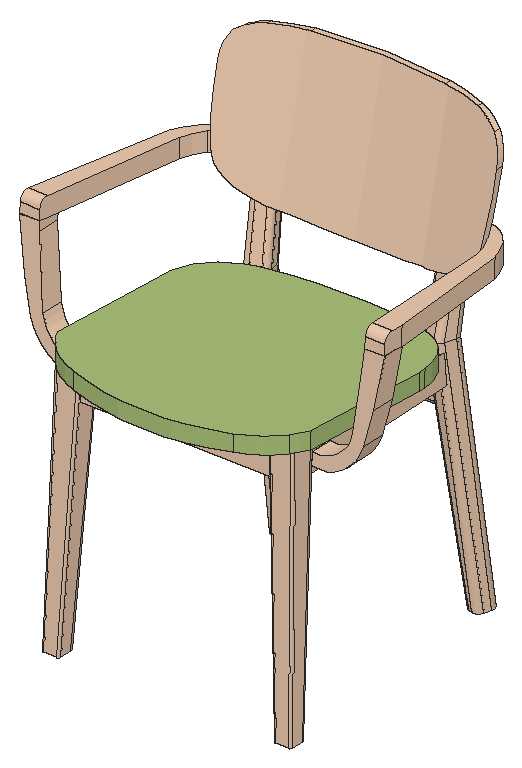
Revit family "FU_Chair_Sandler_Celina 2-11", category Furniture, Revit 2020
Family settings
  OmniClass Number = 23.40.20.00
  OmniClass Title = General Furniture and Specialties
  Work Plane-Based = No
  Always vertical = Yes
  Cut with Voids When Loaded = No
  Shared = No
  Room Calculation Point = No
Parameters (values of type "Celina 2.11")
  Width = 500 mm
  URL = "https://www.sandlerseating.com/product/celina-2-11/"
  Seat [instance] = Fabric - Manhattan - Ellis YI365
  Model = "Celina 2.11"
  Manufacturer = "Sandler"
  Height = 820 mm
  Frame [instance] = Wood - Beech - Walnut - V
  Description = "Armchair with a fully upholstered seat and wooden back. The frame is in solid beech."
  Depth = 550 mm
  Default Elevation = 0 mm
Reference planes
  plane 1 "Center (Front/Back)": y = 0
  plane 2: z = 0
  plane 3 "Center (Left/Right)": x = 0
  plane 4 "Right": x = -250
  plane 5 "Left": x = 250
  plane 6 "Back": y = 275
  plane 7 "Front": y = -275
  plane 8 "Height": z = 820
  plane 9 "Seat height": z = 460
  plane 10 "Right Arm": x = -325
  plane 11 "Left Arm": x = 325
  plane 12 "FL C FRONT": through (206.59, -1524, 5.36) normal (-0.9994, 0, -0.0359)
  plane 13 "BL C Front": through (-178.282, -1524, 5.132) normal (-0.9999, 0, 0.0103)
  plane 14 "FL C RIGHT": through (4267.2, -211.114, 5.562) normal (0, -0.9986, 0.0521)
  plane 15: through (4267.2, 255.502, 4.2) normal (0, -0.9887, -0.1501)
  plane 16: through (4267.2, 190.415, 493.994) normal (0, -0.984, 0.1783)
Forms (mm)
  Sweep 1, solid, material "Fabric - Manhattan - Ellis YI365" <- "Seat"
    path origin (0.119, 29.292, 439.708) x (0, 0.99863, -0.052336) y (1, 0, 0)
      loop
        line (-311.844, 0) -> (171.86, 0)
    profile "Pro_celina_Seat_UPH : Pro_celina_Seat_UPH" origin (0.119, -40.604, 443.371) x (1, 0, 0) y (0, -0.052336, -0.99863)
      loop
        arc (226.228, -11.375) -> (0, 0) -> (-226.228, -11.375) r 2255.339
        line (-226.228, -11.375) -> (-226.228, -41.375)
        arc (-226.228, -41.375) -> (0, -30) -> (226.228, -41.375) r 2255.339
        line (226.228, -41.375) -> (226.228, -11.375)
  Extrusion 2, void
    sketch origin (0.119, -20.296, 502.02) x (-1, 0, 0) y (0, -1, 0)
      loop
        line (248.521, -230.925) -> (248.521, 269.075) -> (-251.479, 269.075) -> (-251.479, -230.925) -> (248.521, -230.925)
      loop
        arc (141.879, 235.713) -> (0.119, 256.987) -> (-141.64, 235.713) r 482.927
        arc (-141.64, 235.713) -> (-177.703, 219.068) -> (-208.046, 193.437) r 148.11
        arc (-208.046, 193.437) -> (-229.338, 158.084) -> (-235.769, 117.318) r 107.689
        arc (-235.769, 117.318) -> (-233.624, 13.584) -> (-224.626, -89.781) r 1568.852
        arc (-224.626, -89.781) -> (-196.277, -154.472) -> (-136.874, -192.68) r 122.229
        arc (-136.874, -192.68) -> (0.119, -211.879) -> (137.113, -192.68) r 498.358
        arc (137.113, -192.68) -> (196.516, -154.472) -> (224.865, -89.781) r 122.229
        arc (224.865, -89.781) -> (233.862, 13.584) -> (236.008, 117.318) r 1568.852
        arc (236.008, 117.318) -> (229.577, 158.084) -> (208.285, 193.437) r 107.689
        arc (208.285, 193.437) -> (177.942, 219.068) -> (141.879, 235.713) r 148.11
    from 10.492 to -76.796
  Sweep 3, solid, material "Wood - Beech - Walnut - V" <- "Frame"
    path origin (0.119, 37.154, -270.249) x (0, 1, 0) y (0, 0, 1)
      loop
        line (154.569, 770) -> (234.758, 1108.042)
    profile "Pro_celina_Back : Pro_celina_Back" origin (0.119, 231.818, 668.772) x (0, -0.972998, 0.230812) y (1, 0, 0)
      loop
        arc (50.165, -250) -> (10, 0) -> (50.165, 250) r 798.119
        line (50.165, 250) -> (40.165, 250)
        arc (40.165, 250) -> (0, 0) -> (40.165, -250) r 798.125
        line (40.165, -250) -> (50.165, -250)
  Extrusion 4, void
    sketch origin (0.119, 39.342, -270.874) x (1, 0, 0) y (0, 0, 1)
      loop
        line (119.761, 1090) -> (-121.25, 1090)
        arc (-121.25, 1090) -> (-154.552, 1088.857) -> (-187.721, 1085.67) r 541.973
        arc (-187.721, 1085.67) -> (-211.489, 1079.491) -> (-232.923, 1067.503) r 96.341
        arc (-232.923, 1067.503) -> (-245.694, 1045.257) -> (-249.494, 1019.89) r 69.271
        arc (-249.494, 1019.89) -> (-247.861, 958.646) -> (-241.122, 897.751) r 733.414
        arc (-241.122, 897.751) -> (-232.137, 873.763) -> (-214.284, 855.393) r 62.504
        arc (-214.284, 855.393) -> (-182.775, 839.296) -> (-148.432, 830.784) r 154.624
        arc (-148.432, 830.784) -> (-5.305, 821.343) -> (137.883, 829.803) r 1149.301
        arc (137.883, 829.803) -> (177.655, 837.565) -> (214.045, 855.393) r 154.624
        arc (214.045, 855.393) -> (231.898, 873.763) -> (240.883, 897.751) r 62.504
        arc (240.883, 897.751) -> (247.622, 958.646) -> (249.256, 1019.89) r 733.414
        arc (249.256, 1019.89) -> (245.455, 1045.257) -> (232.684, 1067.503) r 69.271
        arc (232.684, 1067.503) -> (211.25, 1079.491) -> (187.482, 1085.67) r 96.341
        arc (187.482, 1085.67) -> (153.689, 1088.897) -> (119.761, 1090) r 541.59
      loop
        line (-260, 1133.116) -> (-260, 753.116) -> (260, 753.116) -> (260, 1133.116) -> (-260, 1133.116)
    from -246.089 to -88.141
  SweptBlend 5, solid, material "Wood - Beech - Walnut - V" <- "Frame"
    path origin (206.516, 0, 7.419) x (0.035902, 0, -0.999355) y (0, -1, 0)
      loop
        line (15.798, 211.845) -> (-453.563, 187.36)
    profile origin (207.083, -211.845, -8.369) x (0.00187, 0.998642, -0.052062) y (-0.999355, 0, -0.035902)
      loop
        arc (-14.979, -11.006) -> (-13.796, -13.848) -> (-10.949, -15.021) r 4.023
        line (-10.949, -15.021) -> (11.028, -14.979)
        arc (11.028, -14.979) -> (13.854, -13.803) -> (15.021, -10.972) r 4
        line (15.021, -10.972) -> (14.979, 11.028)
        arc (14.979, 11.028) -> (13.803, 13.854) -> (10.972, 15.021) r 4
        line (10.972, 15.021) -> (-11.028, 14.979)
        arc (-11.028, 14.979) -> (-13.854, 13.803) -> (-15.021, 10.972) r 4
        line (-15.021, 10.972) -> (-14.979, -11.006)
    end profile origin (190.232, -187.36, 460.69) x (0.00187, 0.998642, -0.052062) y (-0.999355, 0, -0.035902)
      loop
        arc (-21.966, -18.041) -> (-20.789, -20.867) -> (-17.959, -22.034) r 4
        line (-17.959, -22.034) -> (18.041, -21.966)
        arc (18.041, -21.966) -> (20.867, -20.789) -> (22.034, -17.959) r 4
        line (22.034, -17.959) -> (21.966, 18.041)
        arc (21.966, 18.041) -> (20.789, 20.867) -> (17.959, 22.034) r 4
        line (17.959, 22.034) -> (-18.041, 21.966)
        arc (-18.041, 21.966) -> (-20.867, 20.789) -> (-22.034, 17.959) r 4
        line (-22.034, 17.959) -> (-21.966, -18.041)
  SweptBlend 6, solid, material "Wood - Beech - Walnut - V" <- "Frame"
    path origin (-178.316, 0, 1.838) x (-0.010308, 0, -0.999947) y (0, -1, 0)
      loop
        line (10.63, -257.754) -> (-463.93, -185.692)
    profile origin (-178.425, 257.754, -8.791) x (0.001548, 0.988666, 0.150121) y (-0.999947, 0, 0.010308)
      loop
        line (16.945, 1.2) -> (15.071, 7.954)
        arc (15.071, 7.954) -> (9.652, 14.89) -> (0.916, 15.962) r 11.5
        line (0.916, 15.962) -> (-12.575, 12.22)
        arc (-12.575, 12.22) -> (-19.51, 6.801) -> (-20.583, -1.935) r 11.5
        line (-20.583, -1.935) -> (-18.712, -8.681)
        arc (-18.712, -8.681) -> (-13.292, -15.616) -> (-4.556, -16.688) r 11.5
        line (-4.556, -16.688) -> (8.943, -12.944)
        arc (8.943, -12.944) -> (15.873, -7.529) -> (16.945, 1.2) r 11.49
    end profile origin (-173.534, 185.692, 465.743) x (0.001548, 0.988666, 0.150121) y (-0.999947, 0, 0.010308)
      loop
        line (5.481, 10.089) -> (-14.232, 4.749)
        arc (-14.232, 4.749) -> (-20.595, -0.161) -> (-21.622, -8.131) r 10.5
        line (-21.622, -8.131) -> (-16.447, -27.235)
        arc (-16.447, -27.235) -> (-11.538, -33.597) -> (-3.567, -34.624) r 10.5
        line (-3.567, -34.624) -> (16.146, -29.284)
        arc (16.146, -29.284) -> (22.508, -24.375) -> (23.535, -16.404) r 10.5
        line (23.535, -16.404) -> (18.361, 2.699)
        arc (18.361, 2.699) -> (13.451, 9.061) -> (5.481, 10.089) r 10.5
  SweptBlend 7, solid, material "Wood - Beech - Walnut - V" <- "Frame"
    path origin (-178.316, 0, 1.838) x (-0.010308, 0, -0.999947) y (0, -1, 0)
      loop
        line (-447.138, -184.221) -> (-698.053, -229.684)
    profile origin (-173.707, 184.221, 448.952) x (-0.001838, 0.983979, -0.178274) y (-0.999947, 0, 0.010308)
      loop
        line (6.359, 10.097) -> (-14.247, 4.59)
        arc (-14.247, 4.59) -> (-20.626, -0.298) -> (-21.68, -8.265) r 10.5
        line (-21.68, -8.265) -> (-16.57, -27.386)
        arc (-16.57, -27.386) -> (-11.682, -33.765) -> (-3.715, -34.819) r 10.5
        line (-3.715, -34.819) -> (16.891, -29.312)
        arc (16.891, -29.312) -> (23.269, -24.424) -> (24.324, -16.457) r 10.5
        line (24.324, -16.457) -> (19.214, 2.664)
        arc (19.214, 2.664) -> (14.326, 9.042) -> (6.359, 10.097) r 10.5
    end profile origin (-171.12, 229.684, 699.854) x (-0.001838, 0.983979, -0.178274) y (-0.999947, 0, 0.010308)
      loop
        arc (10.888, 12.173) -> (6.714, 17.652) -> (-0.112, 18.575) r 9
        line (-0.112, 18.575) -> (-10.954, 15.71)
        arc (-10.954, 15.71) -> (-16.436, 11.534) -> (-17.36, 4.704) r 9.005
        line (-17.36, 4.704) -> (-12.919, -12.102)
        arc (-12.919, -12.102) -> (-8.745, -17.581) -> (-1.919, -18.504) r 9
        line (-1.919, -18.504) -> (8.928, -15.638)
        arc (8.928, -15.638) -> (14.407, -11.464) -> (15.33, -4.638) r 9
        line (15.33, -4.638) -> (10.888, 12.173)
  Extrusion 8, void
    sketch origin (-178.316, 0, 1.838) x (-0.010308, 0, -0.999947) y (0, -1, 0)
      loop
        line (-458.111, -152.645) -> (-458.111, -224.882) -> (-439.168, -224.882) -> (-439.168, -152.645) -> (-458.111, -152.645)
    from -48.983 to 26.092
  Extrusion 9, void
    sketch origin (-178.316, 0, 1.838) x (-0.010308, 0, -0.999947) y (0, -1, 0)
      loop
        line (-458.228, -152.645) -> (-470.347, -152.645) -> (-470.347, -224.294) -> (-458.228, -224.294) -> (-458.228, -152.645)
    from -48.983 to 26.092
  SweptBlend 10, solid, material "Wood - Beech - Walnut - V" <- "Frame"
    path origin (178.316, 0, 1.838) x (0.010308, 0, -0.999947) y (0, 1, 0)
      loop
        line (10.63, 257.754) -> (-463.93, 185.692)
    profile origin (178.425, 257.754, -8.791) x (0.001548, -0.988666, -0.150121) y (0.999947, 0, 0.010308)
      loop
        arc (-16.945, 1.2) -> (-15.873, -7.529) -> (-8.943, -12.944) r 11.49
        line (-8.943, -12.944) -> (4.556, -16.688)
        arc (4.556, -16.688) -> (13.292, -15.616) -> (18.712, -8.681) r 11.5
        line (18.712, -8.681) -> (20.583, -1.935)
        arc (20.583, -1.935) -> (19.51, 6.801) -> (12.575, 12.22) r 11.5
        line (12.575, 12.22) -> (-0.916, 15.962)
        arc (-0.916, 15.962) -> (-9.652, 14.89) -> (-15.071, 7.954) r 11.5
        line (-15.071, 7.954) -> (-16.945, 1.2)
    end profile origin (173.534, 185.692, 465.743) x (0.001548, -0.988666, -0.150121) y (0.999947, 0, 0.010308)
      loop
        arc (-5.481, 10.089) -> (-13.451, 9.061) -> (-18.361, 2.699) r 10.5
        line (-18.361, 2.699) -> (-23.535, -16.404)
        arc (-23.535, -16.404) -> (-22.508, -24.375) -> (-16.146, -29.284) r 10.5
        line (-16.146, -29.284) -> (3.567, -34.624)
        arc (3.567, -34.624) -> (11.538, -33.597) -> (16.447, -27.235) r 10.5
        line (16.447, -27.235) -> (21.622, -8.131)
        arc (21.622, -8.131) -> (20.595, -0.161) -> (14.232, 4.749) r 10.5
        line (14.232, 4.749) -> (-5.481, 10.089)
  SweptBlend 11, solid, material "Wood - Beech - Walnut - V" <- "Frame"
    path origin (178.316, 0, 1.838) x (0.010308, 0, -0.999947) y (0, 1, 0)
      loop
        line (-447.138, 184.221) -> (-698.053, 229.684)
    profile origin (173.707, 184.221, 448.952) x (-0.001838, -0.983979, 0.178274) y (0.999947, 0, 0.010308)
      loop
        arc (-6.359, 10.097) -> (-14.326, 9.042) -> (-19.214, 2.664) r 10.5
        line (-19.214, 2.664) -> (-24.324, -16.457)
        arc (-24.324, -16.457) -> (-23.269, -24.424) -> (-16.891, -29.312) r 10.5
        line (-16.891, -29.312) -> (3.715, -34.819)
        arc (3.715, -34.819) -> (11.682, -33.765) -> (16.57, -27.386) r 10.5
        line (16.57, -27.386) -> (21.68, -8.265)
        arc (21.68, -8.265) -> (20.626, -0.298) -> (14.247, 4.59) r 10.5
        line (14.247, 4.59) -> (-6.359, 10.097)
    end profile origin (171.12, 229.684, 699.854) x (-0.001838, -0.983979, 0.178274) y (0.999947, 0, 0.010308)
      loop
        line (-10.888, 12.173) -> (-15.33, -4.638)
        arc (-15.33, -4.638) -> (-14.407, -11.464) -> (-8.928, -15.638) r 9
        line (-8.928, -15.638) -> (1.919, -18.504)
        arc (1.919, -18.504) -> (8.745, -17.581) -> (12.919, -12.102) r 9
        line (12.919, -12.102) -> (17.36, 4.704)
        arc (17.36, 4.704) -> (16.436, 11.534) -> (10.954, 15.71) r 9.005
        line (10.954, 15.71) -> (0.112, 18.575)
        arc (0.112, 18.575) -> (-6.714, 17.652) -> (-10.888, 12.173) r 9
  Extrusion 12, void
    sketch origin (178.316, 0, 1.838) x (0.010308, 0, -0.999947) y (0, 1, 0)
      loop
        line (-458.111, 152.645) -> (-439.168, 152.645) -> (-439.168, 224.882) -> (-458.111, 224.882) -> (-458.111, 152.645)
    from -48.983 to 26.092
  Extrusion 13, void
    sketch origin (178.316, 0, 1.838) x (0.010308, 0, -0.999947) y (0, 1, 0)
      loop
        line (-458.228, 152.645) -> (-458.228, 224.294) -> (-470.347, 224.294) -> (-470.347, 152.645) -> (-458.228, 152.645)
    from -48.983 to 26.092
  SweptBlend 14, solid, material "Wood - Beech - Walnut - V" <- "Frame"
    path origin (-206.516, 0, 7.419) x (-0.035902, 0, -0.999355) y (0, 1, 0)
      loop
        line (15.798, -211.845) -> (-453.563, -187.36)
    profile origin (-207.083, -211.845, -8.369) x (0.00187, -0.998642, 0.052062) y (0.999355, 0, -0.035902)
      loop
        line (14.979, -11.006) -> (15.021, 10.972)
        arc (15.021, 10.972) -> (13.854, 13.803) -> (11.028, 14.979) r 4
        line (11.028, 14.979) -> (-10.972, 15.021)
        arc (-10.972, 15.021) -> (-13.803, 13.854) -> (-14.979, 11.028) r 4
        line (-14.979, 11.028) -> (-15.021, -10.972)
        arc (-15.021, -10.972) -> (-13.854, -13.803) -> (-11.028, -14.979) r 4
        line (-11.028, -14.979) -> (10.949, -15.021)
        arc (10.949, -15.021) -> (13.796, -13.848) -> (14.979, -11.006) r 4.023
    end profile origin (-190.232, -187.36, 460.69) x (0.00187, -0.998642, 0.052062) y (0.999355, 0, -0.035902)
      loop
        line (21.966, -18.041) -> (22.034, 17.959)
        arc (22.034, 17.959) -> (20.867, 20.789) -> (18.041, 21.966) r 4
        line (18.041, 21.966) -> (-17.959, 22.034)
        arc (-17.959, 22.034) -> (-20.789, 20.867) -> (-21.966, 18.041) r 4
        line (-21.966, 18.041) -> (-22.034, -17.959)
        arc (-22.034, -17.959) -> (-20.867, -20.789) -> (-18.041, -21.966) r 4
        line (-18.041, -21.966) -> (17.959, -22.034)
        arc (17.959, -22.034) -> (20.789, -20.867) -> (21.966, -18.041) r 4
  Extrusion 15, solid, material "Wood - Beech - Walnut - V" <- "Frame"
    sketch origin (0, 0, 460) x (-1, 0, 0) y (0, -1, 0)
      loop
        line (175.074, 174.445) -> (175.074, 205.637) -> (-174.926, 205.637) -> (-174.926, 174.445) -> (175.074, 174.445)
      loop
        line (207.36, 174.272) -> (178.067, 176.828) -> (146.379, -186.366) -> (176.28, -181.947) -> (207.36, 174.272)
      loop
        line (-207.36, 174.272) -> (-176.28, -181.947) -> (-146.379, -186.366) -> (-178.067, 176.828) -> (-207.36, 174.272)
    from 0 to -78.018
  Sweep 16, void
    path origin (0.119, 30.664, 441.798) x (0, 0.99863, -0.052336) y (1, 0, 0)
      loop
        line (-311.844, 0) -> (193.156, 0)
    profile "Pro_celina_Seat-cut : Pro_celina_Seat-cut" origin (0.119, -28.599, 444.904) x (1, 0, 0) y (0, -0.052336, -0.99863)
      loop
        arc (237.5, -12.54) -> (0, 0) -> (-237.5, -12.54) r 2255.339
        line (-237.5, -12.54) -> (-237.5, -65.04)
        arc (-237.5, -65.04) -> (0, -52.5) -> (237.5, -65.04) r 2255.339
        line (237.5, -65.04) -> (237.5, -12.54)
  Extrusion 17, void
    sketch origin (0, 0, 0) x (0, 1, 0) y (0, 0, 1)
      loop
        line (-229.224, 409.273) -> (-229.224, 334.273) -> (230.12, 334.273) -> (230.12, 384.715) -> (-229.224, 409.273)
    from -250 to 250
  Extrusion 18, solid, material "Wood - Beech - Walnut - V" <- "Frame"
    sketch origin (0, 0, 0) x (0, 1, 0) y (0, 0, 1)
      loop
        arc (213.056, 367.317) -> (210.682, 371.248) -> (206.223, 372.348) r 6
        line (206.223, 372.348) -> (198.535, 371.181)
        arc (198.535, 371.181) -> (194.604, 368.806) -> (193.503, 364.348) r 6
        line (193.503, 364.348) -> (197.257, 339.631)
        arc (197.257, 339.631) -> (199.631, 335.701) -> (204.09, 334.6) r 6
        line (204.09, 334.6) -> (211.778, 335.768)
        arc (211.778, 335.768) -> (215.709, 338.142) -> (216.81, 342.601) r 6
        line (216.81, 342.601) -> (213.056, 367.317)
    from -168 to 168
  Extrusion 19, void
    sketch origin (0, 0, 0) x (0, 1, 0) y (0, 0, 1)
      loop
        line (-275, 0) -> (-275, -32.791) -> (280, -32.791) -> (280, 0) -> (-275, 0)
    from -250 to 250
Cuts and joins
  Extrusion 2 cuts Sweep 1
  Extrusion 4 cuts Sweep 3
  Extrusion 8 cuts SweptBlend 7
  Extrusion 9, Extrusion 19 cuts SweptBlend 6
  Extrusion 12 cuts SweptBlend 11
  Extrusion 13, Extrusion 19 cuts SweptBlend 10
  Sweep 16, Extrusion 17 cuts Extrusion 15
  Extrusion 19 cuts SweptBlend 14
  Extrusion 19 cuts SweptBlend 5
Dimensions and locks
  equal spacing: plane 4 "Right", plane 3 "Center (Left/Right)", plane 5 "Left"
  "Width": plane 4 "Right" to plane 5 "Left"
  equal spacing: plane 6 "Back", plane 1 "Center (Front/Back)", plane 7 "Front"
  "Depth": plane 6 "Back" to plane 7 "Front"
  "Height": plane 8 "Height" to level
  plane 9 "Seat height" to level = 460 mm
  equal spacing: plane 10 "Right Arm", plane 3 "Center (Left/Right)", plane 11 "Left Arm"
  plane 10 "Right Arm" to plane 11 "Left Arm" = 650 mm
  aligned and locked: level to plane 2
Automatic sketch dimensions
  plane 3 "Center (Left/Right)" to Sweep 1 sketch curve = 0.119 mm
  Sweep 1 sketch curve to Sweep 1 sketch curve = 483.704 mm
  Extrusion 2 sketch curve to plane 3 "Center (Left/Right)" = 0 mm  (x2)
  plane 3 "Center (Left/Right)" to Extrusion 2 sketch curve = 98.283 mm
  Extrusion 2 sketch curve to plane 1 "Center (Front/Back)" = 54.865 mm  (x2)
  plane 3 "Center (Left/Right)" to Extrusion 2 sketch curve = 103.394 mm
  Extrusion 2 sketch curve to Extrusion 2 sketch curve = 29.988 mm  (x2)
  Extrusion 2 sketch curve to plane 5 "Left" = 1.598 mm
  plane 1 "Center (Front/Back)" to Extrusion 2 sketch curve = 118.175 mm  (x2)
  Extrusion 2 sketch curve to plane 11 "Left Arm" = 1007.843 mm
  Extrusion 2 sketch curve to plane 3 "Center (Left/Right)" = 98.283 mm
  Extrusion 2 sketch curve to plane 3 "Center (Left/Right)" = 103.394 mm
  Extrusion 2 sketch curve to plane 4 "Right" = 1.598 mm
  plane 10 "Right Arm" to Extrusion 2 sketch curve = 1007.843 mm
  Extrusion 2 sketch curve to plane 6 "Back" = 69.356 mm
  Extrusion 2 sketch curve to plane 6 "Back" = 64.371 mm
  plane 1 "Center (Front/Back)" to Extrusion 2 sketch curve = 114.424 mm  (x2)
  Extrusion 2 sketch curve to Extrusion 2 sketch curve = 27.102 mm  (x2)
  Extrusion 2 sketch curve to plane 7 "Front" = 14.371 mm
  Extrusion 2 sketch curve to plane 7 "Front" = 31.774 mm
  Extrusion 2 sketch curve to plane 6 "Back" = 102.616 mm
  Extrusion 2 sketch curve to Extrusion 2 sketch curve = 0 mm  (x8)
  plane 7 "Front" to Extrusion 2 sketch curve = 18.991 mm
  plane 9 "Seat height" to Sweep 3 sketch curve = 39.751 mm
  Sweep 3 sketch curve to plane 6 "Back" = 83.277 mm
  Sweep 3 sketch curve to plane 6 "Back" = 3.087 mm
  plane 8 "Height" to Sweep 3 sketch curve = 17.793 mm
  plane 10 "Right Arm" to Extrusion 4 sketch curve = 158.955 mm
  plane 4 "Right" to Extrusion 4 sketch curve = 9.881 mm
  Extrusion 4 sketch curve to plane 4 "Right" = 69.848 mm
  Extrusion 4 sketch curve to plane 4 "Right" = 70.781 mm
  Extrusion 4 sketch curve to Extrusion 4 sketch curve = 4.71 mm  (x2)
  Extrusion 4 sketch curve to Extrusion 4 sketch curve = 46.915 mm  (x2)
  Extrusion 4 sketch curve to plane 8 "Height" = 0.874 mm
  Extrusion 4 sketch curve to Extrusion 4 sketch curve = 59.022 mm
  Extrusion 4 sketch curve to plane 3 "Center (Left/Right)" = 119.201 mm
  Extrusion 4 sketch curve to plane 3 "Center (Left/Right)" = 1.25 mm
  plane 3 "Center (Left/Right)" to Extrusion 4 sketch curve = 119.25 mm
  plane 3 "Center (Left/Right)" to Extrusion 4 sketch curve = 119.881 mm
  Extrusion 4 sketch curve to Extrusion 4 sketch curve = 8.647 mm
  plane 5 "Left" to Extrusion 4 sketch curve = 70.781 mm
  Extrusion 4 sketch curve to plane 5 "Left" = 10.119 mm
  Extrusion 4 sketch curve to plane 8 "Height" = 82.07 mm  (x2)
  Extrusion 4 sketch curve to plane 11 "Left Arm" = 158.955 mm
  Extrusion 4 sketch curve to plane 8 "Height" = 100.775 mm  (x2)
  Extrusion 4 sketch curve to Extrusion 4 sketch curve = 5.963 mm  (x2)
  Extrusion 4 sketch curve to Extrusion 4 sketch curve = 82.884 mm  (x2)
  plane 9 "Seat height" to Extrusion 4 sketch curve = 22.242 mm
  Extrusion 4 sketch curve to plane 9 "Seat height" = 182.463 mm
  Extrusion 4 sketch curve to plane 9 "Seat height" = 182.844 mm
  Extrusion 4 sketch curve to Extrusion 4 sketch curve = 32.388 mm  (x2)
  plane 8 "Height" to Extrusion 4 sketch curve = 42.242 mm
  Extrusion 4 sketch curve to Extrusion 4 sketch curve = 837.521 mm
  Extrusion 4 sketch curve to plane 4 "Right" = 0.625 mm
  Extrusion 4 sketch curve to plane 4 "Right" = 8.998 mm
  Extrusion 4 sketch curve to Extrusion 4 sketch curve = 0 mm  (x4)
  Extrusion 4 sketch curve to plane 4 "Right" = 17.196 mm
  Extrusion 4 sketch curve to plane 4 "Right" = 35.836 mm
  Extrusion 4 sketch curve to Extrusion 4 sketch curve = 41.216 mm
  plane 5 "Left" to Extrusion 4 sketch curve = 35.836 mm
  plane 5 "Left" to Extrusion 4 sketch curve = 17.196 mm
  plane 7 "Front" to SweptBlend 5 sketch curve = 87.64 mm
  plane 7 "Front" to SweptBlend 5 sketch curve = 63.155 mm
  SweptBlend 5 sketch curve to SweptBlend 5 sketch curve = 469.362 mm
  profile plane to SweptBlend 5 sketch curve = 15.021 mm
  profile plane to SweptBlend 5 sketch curve = 14.979 mm
  SweptBlend 5 sketch curve to SweptBlend 5 sketch curve = 3.993 mm  (x3)
  SweptBlend 5 sketch curve to SweptBlend 5 sketch curve = 4 mm  (x9)
  SweptBlend 5 sketch curve to SweptBlend 5 sketch curve = 4.023 mm
  SweptBlend 5 sketch curve to SweptBlend 5 sketch curve = 0.008 mm
  SweptBlend 5 sketch curve to profile plane = 10.972 mm
  SweptBlend 5 sketch curve to SweptBlend 5 sketch curve = 0.007 mm  (x9)
  SweptBlend 5 sketch curve to profile plane = 11.021 mm
  SweptBlend 5 sketch curve to plane 12 "FL C FRONT" = 15.021 mm
  SweptBlend 5 sketch curve to plane 12 "FL C FRONT" = 14.979 mm
  SweptBlend 5 sketch curve to SweptBlend 5 sketch curve = 4.015 mm
  plane 12 "FL C FRONT" to SweptBlend 5 sketch curve = 10.972 mm
  plane 12 "FL C FRONT" to SweptBlend 5 sketch curve = 11.021 mm
  profile plane to SweptBlend 5 sketch curve = 22.034 mm
  profile plane to SweptBlend 5 sketch curve = 21.966 mm
  SweptBlend 5 sketch curve to profile plane = 17.959 mm
  SweptBlend 5 sketch curve to profile plane = 18.034 mm
  SweptBlend 5 sketch curve to plane 12 "FL C FRONT" = 22.034 mm
  SweptBlend 5 sketch curve to plane 12 "FL C FRONT" = 21.966 mm
  plane 12 "FL C FRONT" to SweptBlend 5 sketch curve = 17.959 mm
  plane 12 "FL C FRONT" to SweptBlend 5 sketch curve = 18.034 mm
  SweptBlend 6 sketch curve to plane 6 "Back" = 89.308 mm
  SweptBlend 6 sketch curve to plane 6 "Back" = 17.246 mm
  SweptBlend 6 sketch curve to SweptBlend 6 sketch curve = 474.56 mm
  SweptBlend 6 sketch curve to plane 13 "BL C Front" = 1.935 mm
  profile plane to SweptBlend 6 sketch curve = 20.583 mm
  SweptBlend 6 sketch curve to plane 13 "BL C Front" = 8.681 mm
  SweptBlend 6 sketch curve to SweptBlend 6 sketch curve = 1.871 mm  (x2)
  profile plane to SweptBlend 6 sketch curve = 12.575 mm
  plane 13 "BL C Front" to SweptBlend 6 sketch curve = 1.138 mm
  profile plane to SweptBlend 6 sketch curve = 9.501 mm
  profile plane to SweptBlend 6 sketch curve = 4.556 mm
  SweptBlend 6 sketch curve to profile plane = 0.916 mm
  SweptBlend 6 sketch curve to profile plane = 3.99 mm
  SweptBlend 6 sketch curve to plane 13 "BL C Front" = 1.872 mm
  SweptBlend 6 sketch curve to profile plane = 5.872 mm
  SweptBlend 6 sketch curve to profile plane = 8.943 mm
  plane 13 "BL C Front" to SweptBlend 6 sketch curve = 7.954 mm
  SweptBlend 6 sketch curve to SweptBlend 6 sketch curve = 11.082 mm
  plane 13 "BL C Front" to SweptBlend 6 sketch curve = 1.2 mm
  SweptBlend 6 sketch curve to SweptBlend 6 sketch curve = 1.874 mm
  SweptBlend 6 sketch curve to SweptBlend 6 sketch curve = 3.745 mm
  plane 13 "BL C Front" to SweptBlend 6 sketch curve = 4.88 mm
  SweptBlend 6 sketch curve to plane 13 "BL C Front" = 8.131 mm
  profile plane to SweptBlend 6 sketch curve = 21.622 mm
  profile plane to SweptBlend 6 sketch curve = 16.447 mm
  plane 13 "BL C Front" to SweptBlend 6 sketch curve = 4.749 mm
  profile plane to SweptBlend 6 sketch curve = 14.232 mm
  SweptBlend 6 sketch curve to plane 13 "BL C Front" = 5.386 mm
  profile plane to SweptBlend 6 sketch curve = 6.313 mm
  profile plane to SweptBlend 6 sketch curve = 3.567 mm
  SweptBlend 6 sketch curve to profile plane = 5.481 mm
  SweptBlend 6 sketch curve to plane 13 "BL C Front" = 0.046 mm
  SweptBlend 6 sketch curve to profile plane = 8.226 mm
  SweptBlend 6 sketch curve to profile plane = 13.4 mm
  SweptBlend 6 sketch curve to SweptBlend 6 sketch curve = 2.745 mm  (x3)
  plane 13 "BL C Front" to SweptBlend 6 sketch curve = 2.699 mm
  SweptBlend 6 sketch curve to SweptBlend 6 sketch curve = 10.135 mm  (x2)
  SweptBlend 6 sketch curve to plane 13 "BL C Front" = 16.404 mm
  SweptBlend 6 sketch curve to SweptBlend 6 sketch curve = 19.103 mm
  SweptBlend 7 sketch curve to plane 6 "Back" = 45.316 mm
  SweptBlend 7 sketch curve to plane 6 "Back" = 90.779 mm
  SweptBlend 7 sketch curve to SweptBlend 7 sketch curve = 250.915 mm
  plane 13 "BL C Front" to SweptBlend 7 sketch curve = 4.704 mm
  profile plane to SweptBlend 7 sketch curve = 17.36 mm
  profile plane to SweptBlend 7 sketch curve = 12.919 mm
  profile plane to SweptBlend 7 sketch curve = 10.954 mm
  profile plane to SweptBlend 7 sketch curve = 8.654 mm
  profile plane to SweptBlend 7 sketch curve = 4.218 mm
  profile plane to SweptBlend 7 sketch curve = 1.919 mm
  profile plane to SweptBlend 7 sketch curve = 0.112 mm
  SweptBlend 7 sketch curve to profile plane = 2.187 mm
  SweptBlend 7 sketch curve to profile plane = 6.628 mm
  SweptBlend 7 sketch curve to profile plane = 8.928 mm
  SweptBlend 7 sketch curve to SweptBlend 7 sketch curve = 8.701 mm  (x2)
  SweptBlend 7 sketch curve to plane 13 "BL C Front" = 4.638 mm
  SweptBlend 7 sketch curve to plane 13 "BL C Front" = 6.937 mm
  SweptBlend 7 sketch curve to plane 13 "BL C Front" = 9.803 mm
  SweptBlend 7 sketch curve to SweptBlend 7 sketch curve = 2.299 mm  (x2)
  plane 13 "BL C Front" to SweptBlend 7 sketch curve = 7.004 mm
  plane 13 "BL C Front" to SweptBlend 7 sketch curve = 9.873 mm
  SweptBlend 7 sketch curve to plane 13 "BL C Front" = 8.265 mm
  profile plane to SweptBlend 7 sketch curve = 21.68 mm
  profile plane to SweptBlend 7 sketch curve = 16.57 mm
  plane 13 "BL C Front" to SweptBlend 7 sketch curve = 4.59 mm
  profile plane to SweptBlend 7 sketch curve = 14.247 mm
  SweptBlend 7 sketch curve to plane 13 "BL C Front" = 5.554 mm
  profile plane to SweptBlend 7 sketch curve = 6.426 mm
  profile plane to SweptBlend 7 sketch curve = 3.715 mm
  SweptBlend 7 sketch curve to profile plane = 6.359 mm
  SweptBlend 7 sketch curve to plane 13 "BL C Front" = 0.047 mm
  SweptBlend 7 sketch curve to profile plane = 9.07 mm
  SweptBlend 7 sketch curve to profile plane = 14.18 mm
  SweptBlend 7 sketch curve to SweptBlend 7 sketch curve = 2.711 mm  (x3)
  plane 13 "BL C Front" to SweptBlend 7 sketch curve = 2.664 mm
  SweptBlend 7 sketch curve to SweptBlend 7 sketch curve = 10.144 mm  (x2)
  SweptBlend 7 sketch curve to plane 13 "BL C Front" = 16.457 mm
  SweptBlend 7 sketch curve to SweptBlend 7 sketch curve = 19.121 mm
  Extrusion 8 sketch curve to plane 6 "Back" = 50.118 mm
  Extrusion 8 sketch curve to Extrusion 8 sketch curve = 18.943 mm
  Extrusion 8 sketch curve to Extrusion 8 sketch curve = 72.237 mm
  Extrusion 9 sketch curve to plane 6 "Back" = 122.355 mm
  Extrusion 9 sketch curve to Extrusion 9 sketch curve = 12.119 mm
  Extrusion 9 sketch curve to plane 6 "Back" = 50.706 mm
  SweptBlend 10 sketch curve to plane 6 "Back" = 89.308 mm
  SweptBlend 10 sketch curve to plane 6 "Back" = 17.246 mm
  SweptBlend 10 sketch curve to SweptBlend 10 sketch curve = 474.56 mm
  profile plane to SweptBlend 10 sketch curve = 1.2 mm
  profile plane to SweptBlend 10 sketch curve = 16.945 mm
  SweptBlend 10 sketch curve to SweptBlend 10 sketch curve = 1.874 mm
  profile plane to SweptBlend 10 sketch curve = 8.943 mm
  SweptBlend 10 sketch curve to profile plane = 1.872 mm
  profile plane to SweptBlend 10 sketch curve = 5.872 mm
  profile plane to SweptBlend 10 sketch curve = 3.99 mm
  profile plane to SweptBlend 10 sketch curve = 0.916 mm
  SweptBlend 10 sketch curve to profile plane = 4.556 mm
  SweptBlend 10 sketch curve to profile plane = 7.63 mm
  profile plane to SweptBlend 10 sketch curve = 1.138 mm
  SweptBlend 10 sketch curve to SweptBlend 10 sketch curve = 1.871 mm  (x2)
  SweptBlend 10 sketch curve to SweptBlend 10 sketch curve = 3.074 mm
  SweptBlend 10 sketch curve to profile plane = 8.681 mm
  SweptBlend 10 sketch curve to SweptBlend 10 sketch curve = 11.082 mm
  SweptBlend 10 sketch curve to profile plane = 1.935 mm
  SweptBlend 10 sketch curve to SweptBlend 10 sketch curve = 3.745 mm
  profile plane to SweptBlend 10 sketch curve = 4.88 mm
  SweptBlend 10 sketch curve to SweptBlend 10 sketch curve = 6.754 mm
  profile plane to SweptBlend 10 sketch curve = 23.535 mm
  profile plane to SweptBlend 10 sketch curve = 2.699 mm
  profile plane to SweptBlend 10 sketch curve = 18.361 mm
  SweptBlend 10 sketch curve to SweptBlend 10 sketch curve = 7.389 mm
  SweptBlend 10 sketch curve to SweptBlend 10 sketch curve = 10.135 mm  (x2)
  SweptBlend 10 sketch curve to profile plane = 0.046 mm
  profile plane to SweptBlend 10 sketch curve = 8.226 mm
  profile plane to SweptBlend 10 sketch curve = 5.481 mm
  SweptBlend 10 sketch curve to profile plane = 3.567 mm
  SweptBlend 10 sketch curve to profile plane = 6.313 mm
  SweptBlend 10 sketch curve to profile plane = 5.386 mm
  SweptBlend 10 sketch curve to profile plane = 11.487 mm
  profile plane to SweptBlend 10 sketch curve = 4.749 mm
  SweptBlend 10 sketch curve to SweptBlend 10 sketch curve = 2.745 mm  (x3)
  SweptBlend 10 sketch curve to profile plane = 8.131 mm
  SweptBlend 10 sketch curve to profile plane = 16.404 mm
  SweptBlend 10 sketch curve to SweptBlend 10 sketch curve = 19.103 mm
  SweptBlend 11 sketch curve to plane 6 "Back" = 45.316 mm
  SweptBlend 11 sketch curve to plane 6 "Back" = 90.779 mm
  SweptBlend 11 sketch curve to SweptBlend 11 sketch curve = 250.915 mm
  SweptBlend 11 sketch curve to profile plane = 4.638 mm
  profile plane to SweptBlend 11 sketch curve = 15.33 mm
  profile plane to SweptBlend 11 sketch curve = 10.888 mm
  profile plane to SweptBlend 11 sketch curve = 8.928 mm
  profile plane to SweptBlend 11 sketch curve = 6.628 mm
  profile plane to SweptBlend 11 sketch curve = 2.187 mm
  SweptBlend 11 sketch curve to profile plane = 0.112 mm
  SweptBlend 11 sketch curve to profile plane = 1.919 mm
  SweptBlend 11 sketch curve to profile plane = 4.218 mm
  SweptBlend 11 sketch curve to profile plane = 8.654 mm
  SweptBlend 11 sketch curve to SweptBlend 11 sketch curve = 2.3 mm
  SweptBlend 11 sketch curve to SweptBlend 11 sketch curve = 8.701 mm
  profile plane to SweptBlend 11 sketch curve = 4.704 mm
  SweptBlend 11 sketch curve to SweptBlend 11 sketch curve = 8.706 mm
  SweptBlend 11 sketch curve to profile plane = 6.937 mm
  SweptBlend 11 sketch curve to profile plane = 9.803 mm
  SweptBlend 11 sketch curve to SweptBlend 11 sketch curve = 2.299 mm  (x2)
  profile plane to SweptBlend 11 sketch curve = 7.004 mm
  profile plane to SweptBlend 11 sketch curve = 9.873 mm
  profile plane to SweptBlend 11 sketch curve = 24.324 mm
  profile plane to SweptBlend 11 sketch curve = 2.664 mm
  profile plane to SweptBlend 11 sketch curve = 19.214 mm
  SweptBlend 11 sketch curve to SweptBlend 11 sketch curve = 7.433 mm
  SweptBlend 11 sketch curve to SweptBlend 11 sketch curve = 10.144 mm  (x2)
  SweptBlend 11 sketch curve to profile plane = 0.047 mm
  profile plane to SweptBlend 11 sketch curve = 9.07 mm
  profile plane to SweptBlend 11 sketch curve = 6.359 mm
  SweptBlend 11 sketch curve to profile plane = 3.715 mm
  SweptBlend 11 sketch curve to profile plane = 6.426 mm
  SweptBlend 11 sketch curve to profile plane = 5.554 mm
  SweptBlend 11 sketch curve to profile plane = 11.536 mm
  profile plane to SweptBlend 11 sketch curve = 4.59 mm
  SweptBlend 11 sketch curve to SweptBlend 11 sketch curve = 2.711 mm  (x3)
  SweptBlend 11 sketch curve to profile plane = 8.265 mm
  SweptBlend 11 sketch curve to profile plane = 16.457 mm
  SweptBlend 11 sketch curve to SweptBlend 11 sketch curve = 19.121 mm
  Extrusion 12 sketch curve to plane 6 "Back" = 50.118 mm
  Extrusion 12 sketch curve to Extrusion 12 sketch curve = 18.943 mm
  Extrusion 12 sketch curve to Extrusion 12 sketch curve = 72.237 mm
  Extrusion 13 sketch curve to plane 6 "Back" = 122.355 mm
  Extrusion 13 sketch curve to Extrusion 13 sketch curve = 12.119 mm
  Extrusion 13 sketch curve to plane 6 "Back" = 50.706 mm
  plane 7 "Front" to SweptBlend 14 sketch curve = 87.64 mm
  plane 7 "Front" to SweptBlend 14 sketch curve = 63.155 mm
  SweptBlend 14 sketch curve to SweptBlend 14 sketch curve = 469.362 mm
  profile plane to SweptBlend 14 sketch curve = 15.021 mm
  profile plane to SweptBlend 14 sketch curve = 14.979 mm
  SweptBlend 14 sketch curve to SweptBlend 14 sketch curve = 3.993 mm  (x3)
  SweptBlend 14 sketch curve to SweptBlend 14 sketch curve = 4 mm  (x9)
  SweptBlend 14 sketch curve to SweptBlend 14 sketch curve = 0.007 mm  (x9)
  SweptBlend 14 sketch curve to profile plane = 10.949 mm
  SweptBlend 14 sketch curve to SweptBlend 14 sketch curve = 0.008 mm
  SweptBlend 14 sketch curve to profile plane = 11.021 mm
  SweptBlend 14 sketch curve to SweptBlend 14 sketch curve = 4.023 mm
  SweptBlend 14 sketch curve to profile plane = 15.021 mm
  SweptBlend 14 sketch curve to profile plane = 14.979 mm
  SweptBlend 14 sketch curve to SweptBlend 14 sketch curve = 4.015 mm
  profile plane to SweptBlend 14 sketch curve = 10.972 mm
  profile plane to SweptBlend 14 sketch curve = 11.021 mm
  profile plane to SweptBlend 14 sketch curve = 22.034 mm
  profile plane to SweptBlend 14 sketch curve = 21.966 mm
  SweptBlend 14 sketch curve to profile plane = 17.959 mm
  SweptBlend 14 sketch curve to profile plane = 18.034 mm
  SweptBlend 14 sketch curve to profile plane = 22.034 mm
  SweptBlend 14 sketch curve to profile plane = 21.966 mm
  profile plane to SweptBlend 14 sketch curve = 17.959 mm
  profile plane to SweptBlend 14 sketch curve = 18.034 mm
  plane 5 "Left" to Extrusion 15 sketch curve = 42.64 mm
  Extrusion 15 sketch curve to Extrusion 15 sketch curve = 29.293 mm  (x2)
  plane 5 "Left" to Extrusion 15 sketch curve = 73.72 mm
  Extrusion 15 sketch curve to Extrusion 15 sketch curve = 3.142 mm
  Extrusion 15 sketch curve to plane 6 "Back" = 88.634 mm  (x2)
  Extrusion 15 sketch curve to Extrusion 15 sketch curve = 29.901 mm  (x2)
  Extrusion 15 sketch curve to plane 4 "Right" = 103.621 mm
  Extrusion 15 sketch curve to plane 4 "Right" = 74.926 mm
  Extrusion 15 sketch curve to Extrusion 15 sketch curve = 2.993 mm
  Extrusion 15 sketch curve to Extrusion 15 sketch curve = 4.419 mm  (x2)
  Extrusion 15 sketch curve to Extrusion 15 sketch curve = 2.383 mm
  Extrusion 15 sketch curve to Extrusion 15 sketch curve = 28.809 mm
  plane 3 "Center (Left/Right)" to Sweep 16 sketch curve = 0.119 mm
  Sweep 16 sketch curve to Sweep 16 sketch curve = 505 mm
  plane 7 "Front" to Extrusion 17 sketch curve = 45.776 mm
  Extrusion 17 sketch curve to plane 6 "Back" = 44.88 mm
  Extrusion 17 sketch curve to plane 9 "Seat height" = 125.727 mm
  Extrusion 17 sketch curve to Extrusion 17 sketch curve = 50.442 mm
  Extrusion 17 sketch curve to plane 9 "Seat height" = 50.727 mm
  Extrusion 18 sketch curve to plane 6 "Back" = 81.497 mm
  Extrusion 18 sketch curve to Extrusion 18 sketch curve = 3.753 mm
  Extrusion 18 sketch curve to Extrusion 18 sketch curve = 5.031 mm  (x2)
  Extrusion 18 sketch curve to Extrusion 18 sketch curve = 5.932 mm  (x5)
  Extrusion 18 sketch curve to Extrusion 18 sketch curve = 0.901 mm  (x5)
  Extrusion 18 sketch curve to Extrusion 18 sketch curve = 7.689 mm  (x2)
  Extrusion 18 sketch curve to plane 9 "Seat height" = 125.4 mm
  Extrusion 18 sketch curve to Extrusion 18 sketch curve = 1.168 mm  (x2)
  Extrusion 18 sketch curve to Extrusion 18 sketch curve = 24.717 mm
  Extrusion 19 sketch curve to plane 7 "Front" = 0 mm
  Extrusion 19 sketch curve to level = 0 mm
  plane 6 "Back" to Extrusion 19 sketch curve = 5 mm
  Extrusion 19 sketch curve to level = 32.791 mm
Nested families
  nested 1: "Celina_Arms" at (0, 0, 0), Frame <- "Frame", type "Celina_Arms"
    with Frame Wood - Beech - Walnut - V
Definition of nested family "Celina_Arms"
  Parameters (values of type "Celina_Arms")
    Width = 500 mm
    Height = 820 mm
    Frame [instance] = none
    Depth = 550 mm
    Default Elevation = 0 mm
    Arm Width = 650 mm
  Reference planes
    plane 1 "Center (Front/Back)": y = 0
    plane 2: z = 0
    plane 3 "Center (Left/Right)": x = 0
    plane 4 "Right": x = -250
    plane 5 "Left": x = 250
    plane 6 "Back": y = 275
    plane 7 "Front": y = -275
    plane 8 "Height": z = 820
    plane 9 "Seat height": z = 460
    plane 10 "Right Arm": x = -325
    plane 11 "Left Arm": x = 325
  Forms (mm)
    Extrusion 1, solid, material <- "Frame"
      sketch origin (325, 0, 0) x (0, -1, 0) y (0, 0, 1)
        loop
          line (146.111, 628.869) -> (144.818, 646.848)
          arc (144.818, 646.848) -> (139.438, 657.704) -> (127.99, 661.677) r 16
          line (127.99, 661.677) -> (-239.481, 641.695) -> (-239.481, 607.902) -> (146.111, 628.869)
      from -10.448 to 150.074
    Extrusion 2, solid, material <- "Frame"
      sketch origin (-325, 0, 0) x (0, -1, 0) y (0, 0, -1)
        loop
          line (146.111, -628.869) -> (-239.481, -607.902) -> (-239.481, -641.695) -> (127.99, -661.677)
          arc (127.99, -661.677) -> (139.438, -657.704) -> (144.818, -646.848) r 16
          line (144.818, -646.848) -> (146.111, -628.869)
      from -10.448 to 150.074
    Extrusion 3, void
      sketch origin (0, 0, 460) x (-1, 0, 0) y (0, -1, 0)
        loop
          arc (-289.988, -144.211) -> (-310.226, -19.146) -> (-325, 106.682) r 2909.627
          line (-325, 106.682) -> (-325, 175.52) -> (-356.736, 175.52) -> (-356.736, -273.129) -> (-171.736, -273.129) -> (-171.736, -225.515) -> (-196.736, -225.515)
          arc (-196.736, -225.515) -> (-229.084, -220.01) -> (-256.695, -202.281) r 82.126
          arc (-256.695, -202.281) -> (-277.408, -175.577) -> (-289.988, -144.211) r 121.838
        loop
          arc (-290.74, 176.676) -> (-284.634, 20.775) -> (-266.248, -134.157) r 1976.123
          arc (-266.248, -134.157) -> (-260.329, -156.38) -> (-250, -176.928) r 112.139
          arc (-250, -176.928) -> (-225.921, -195.986) -> (-196.121, -203.397) r 72.67
          line (-196.121, -203.397) -> (-171.736, -203.397) -> (-171.736, 176.676) -> (-290.74, 176.676)
      from 142.77 to 205.121
    Extrusion 4, void
      sketch origin (0, 0, 460) x (1, 0, 0) y (0, 1, 0)
        loop
          arc (-289.988, 144.211) -> (-277.408, 175.577) -> (-256.695, 202.281) r 121.838
          arc (-256.695, 202.281) -> (-229.084, 220.01) -> (-196.736, 225.515) r 82.126
          line (-196.736, 225.515) -> (-171.736, 225.515) -> (-171.736, 273.129) -> (-356.736, 273.129) -> (-356.736, -175.52) -> (-327.064, -175.52)
          arc (-327.064, -175.52) -> (-314.598, -14.951) -> (-289.988, 144.211) r 2121.819
        loop
          line (-290.74, -176.676) -> (-171.736, -176.676) -> (-171.736, 203.397) -> (-196.121, 203.397)
          arc (-196.121, 203.397) -> (-225.921, 195.986) -> (-250, 176.928) r 72.67
          arc (-250, 176.928) -> (-260.329, 156.38) -> (-266.248, 134.157) r 112.139
          arc (-266.248, 134.157) -> (-284.634, -20.775) -> (-290.74, -176.676) r 1976.123
      from 142.77 to 205.121
    Extrusion 5, solid, material <- "Frame"
      sketch origin (325, 0, 0) x (0, -1, 0) y (0, 0, 1)
        loop
          line (146.111, 628.869) -> (106.266, 626.702) -> (121.343, 417.012) -> (161.193, 419.09) -> (146.111, 628.869)
      from -10.448 to 133.583
    Extrusion 6, void
      sketch origin (0, 0, 0) x (1, 0, 0) y (0, 0, 1)
        loop
          arc (207.36, 440.3) -> (252.288, 452.037) -> (276.171, 491.861) r 61.44
          arc (276.171, 491.861) -> (284.311, 552.904) -> (289.988, 614.225) r 1530.407
          line (289.988, 614.225) -> (289.988, 669.523) -> (176.28, 669.523) -> (176.28, 440.3) -> (207.36, 440.3)
        loop
          line (207.36, 417.012) -> (176.28, 417.012) -> (176.28, 382.012) -> (351.28, 382.012) -> (351.28, 667.423) -> (325, 667.423) -> (325, 627.423) -> (311.114, 539.028)
          arc (311.114, 539.028) -> (304.688, 508.519) -> (296.743, 478.37) r 622.362
          arc (296.743, 478.37) -> (263.016, 431.719) -> (207.36, 417.012) r 85.527
      from 98.594 to 174.445
    Extrusion 7, solid, material <- "Frame"
      sketch origin (-325, 0, 0) x (0, -1, 0) y (0, 0, -1)
        loop
          line (146.111, -628.869) -> (161.193, -419.09) -> (121.343, -417.012) -> (106.266, -626.702) -> (146.111, -628.869)
      from -10.448 to 133.583
    Extrusion 8, void
      sketch origin (0, 0, 0) x (-1, 0, 0) y (0, 0, -1)
        loop
          line (207.36, -440.3) -> (176.28, -440.3) -> (176.28, -669.523) -> (289.988, -669.523) -> (289.988, -614.225)
          arc (289.988, -614.225) -> (284.311, -552.904) -> (276.171, -491.861) r 1530.407
          arc (276.171, -491.861) -> (252.288, -452.037) -> (207.36, -440.3) r 61.44
        loop
          arc (207.36, -417.012) -> (263.016, -431.719) -> (296.743, -478.37) r 85.527
          arc (296.743, -478.37) -> (304.688, -508.519) -> (311.114, -539.028) r 622.362
          line (311.114, -539.028) -> (325, -627.423) -> (325, -667.423) -> (351.28, -667.423) -> (351.28, -382.012) -> (176.28, -382.012) -> (176.28, -417.012) -> (207.36, -417.012)
      from 98.594 to 174.445
  Cuts and joins
    Extrusion 3 cuts Extrusion 1
    Extrusion 6 cuts Extrusion 5
    Extrusion 4 cuts Extrusion 2
    Extrusion 8 cuts Extrusion 7
  Dimensions and locks
    equal spacing: plane 4 "Right", plane 3 "Center (Left/Right)", plane 5 "Left"
    "Width": plane 4 "Right" to plane 5 "Left"
    equal spacing: plane 6 "Back", plane 1 "Center (Front/Back)", plane 7 "Front"
    "Depth": plane 6 "Back" to plane 7 "Front"
    "Height": plane 8 "Height" to level
    plane 9 "Seat height" to level = 460 mm
    equal spacing: plane 10 "Right Arm", plane 3 "Center (Left/Right)", plane 11 "Left Arm"
    "Arm Width": plane 10 "Right Arm" to plane 11 "Left Arm"
    aligned and locked: level to plane 2
  Automatic sketch dimensions
    Extrusion 1 sketch curve to plane 6 "Back" = 35.519 mm
    plane 1 "Center (Front/Back)" to Extrusion 1 sketch curve = 127.99 mm
    Extrusion 1 sketch curve to Extrusion 1 sketch curve = 0.869 mm
    Extrusion 1 sketch curve to Extrusion 1 sketch curve = 15.959 mm
    Extrusion 1 sketch curve to Extrusion 1 sketch curve = 1.293 mm
    plane 9 "Seat height" to Extrusion 1 sketch curve = 147.902 mm
    plane 9 "Seat height" to Extrusion 1 sketch curve = 168.869 mm
    Extrusion 1 sketch curve to Extrusion 1 sketch curve = 33.793 mm
    Extrusion 1 sketch curve to Extrusion 1 sketch curve = 16.831 mm
    Extrusion 1 sketch curve to Extrusion 1 sketch curve = 1.147 mm
    Extrusion 2 sketch curve to plane 6 "Back" = 35.519 mm
    plane 1 "Center (Front/Back)" to Extrusion 2 sketch curve = 127.99 mm
    Extrusion 2 sketch curve to Extrusion 2 sketch curve = 0.869 mm
    Extrusion 2 sketch curve to Extrusion 2 sketch curve = 15.959 mm
    Extrusion 2 sketch curve to Extrusion 2 sketch curve = 1.293 mm
    Extrusion 2 sketch curve to plane 8 "Height" = 158.323 mm
    Extrusion 2 sketch curve to Extrusion 2 sketch curve = 14.829 mm
    Extrusion 2 sketch curve to plane 8 "Height" = 178.305 mm
    Extrusion 2 sketch curve to Extrusion 2 sketch curve = 17.979 mm
    Extrusion 2 sketch curve to Extrusion 2 sketch curve = 33.793 mm
    Extrusion 3 sketch curve to plane 11 "Left Arm" = 0 mm
    Extrusion 3 sketch curve to plane 5 "Left" = 0 mm
    Extrusion 3 sketch curve to plane 6 "Back" = 1.871 mm
    Extrusion 3 sketch curve to plane 11 "Left Arm" = 31.736 mm
    plane 11 "Left Arm" to Extrusion 3 sketch curve = 34.26 mm
    plane 5 "Left" to Extrusion 3 sketch curve = 50.59 mm
    plane 5 "Left" to Extrusion 3 sketch curve = 53.264 mm
    Extrusion 3 sketch curve to Extrusion 3 sketch curve = 0.615 mm
    Extrusion 3 sketch curve to Extrusion 3 sketch curve = 5.531 mm
    Extrusion 3 sketch curve to Extrusion 3 sketch curve = 25 mm
    Extrusion 3 sketch curve to Extrusion 3 sketch curve = 0 mm
    Extrusion 3 sketch curve to Extrusion 3 sketch curve = 22.169 mm
    Extrusion 3 sketch curve to Extrusion 3 sketch curve = 16.211 mm
    plane 7 "Front" to Extrusion 3 sketch curve = 99 mm
    plane 10 "Right Arm" to Extrusion 3 sketch curve = 1360.383 mm
    Extrusion 3 sketch curve to plane 7 "Front" = 107.989 mm
    Extrusion 3 sketch curve to Extrusion 3 sketch curve = 886.095 mm
    Extrusion 3 sketch curve to Extrusion 3 sketch curve = 47.614 mm
    Extrusion 3 sketch curve to Extrusion 3 sketch curve = 22.118 mm
    Extrusion 3 sketch curve to Extrusion 3 sketch curve = 59.964 mm
    Extrusion 3 sketch curve to Extrusion 3 sketch curve = 12.671 mm
    Extrusion 3 sketch curve to Extrusion 3 sketch curve = 14.204 mm
    Extrusion 3 sketch curve to Extrusion 3 sketch curve = 1.581 mm
    plane 1 "Center (Front/Back)" to Extrusion 3 sketch curve = 106.682 mm
    Extrusion 3 sketch curve to Extrusion 3 sketch curve = 68.838 mm
    plane 7 "Front" to Extrusion 3 sketch curve = 98.324 mm
    Extrusion 3 sketch curve to Extrusion 3 sketch curve = 23.74 mm
    Extrusion 4 sketch curve to plane 4 "Right" = 0 mm
    plane 10 "Right Arm" to Extrusion 4 sketch curve = 34.26 mm
    Extrusion 4 sketch curve to plane 10 "Right Arm" = 2.064 mm
    plane 6 "Back" to Extrusion 4 sketch curve = 1.871 mm
    Extrusion 4 sketch curve to plane 10 "Right Arm" = 31.736 mm
    plane 4 "Right" to Extrusion 4 sketch curve = 50.59 mm
    plane 4 "Right" to Extrusion 4 sketch curve = 53.264 mm
    Extrusion 4 sketch curve to Extrusion 4 sketch curve = 0.615 mm
    Extrusion 4 sketch curve to Extrusion 4 sketch curve = 5.531 mm
    Extrusion 4 sketch curve to Extrusion 4 sketch curve = 25 mm
    plane 4 "Right" to Extrusion 4 sketch curve = 78.264 mm
    Extrusion 4 sketch curve to Extrusion 4 sketch curve = 22.169 mm
    Extrusion 4 sketch curve to Extrusion 4 sketch curve = 16.211 mm
    Extrusion 4 sketch curve to plane 7 "Front" = 99 mm
    plane 11 "Left Arm" to Extrusion 4 sketch curve = 1360.383 mm
    Extrusion 4 sketch curve to plane 7 "Front" = 15.642 mm
    Extrusion 4 sketch curve to Extrusion 4 sketch curve = 107.714 mm
    Extrusion 4 sketch curve to Extrusion 4 sketch curve = 47.614 mm
    Extrusion 4 sketch curve to Extrusion 4 sketch curve = 22.118 mm
    Extrusion 4 sketch curve to Extrusion 4 sketch curve = 59.964 mm
    Extrusion 4 sketch curve to Extrusion 4 sketch curve = 12.671 mm
    Extrusion 4 sketch curve to Extrusion 4 sketch curve = 14.204 mm
    Extrusion 4 sketch curve to Extrusion 4 sketch curve = 1.581 mm
    Extrusion 4 sketch curve to plane 7 "Front" = 99.48 mm
    Extrusion 4 sketch curve to Extrusion 4 sketch curve = 1.155 mm
    Extrusion 4 sketch curve to Extrusion 4 sketch curve = 0 mm
    plane 1 "Center (Front/Back)" to Extrusion 5 sketch curve = 106.266 mm
    Extrusion 5 sketch curve to plane 9 "Seat height" = 42.988 mm
    plane 1 "Center (Front/Back)" to Extrusion 5 sketch curve = 121.343 mm
    Extrusion 5 sketch curve to Extrusion 5 sketch curve = 39.844 mm
    Extrusion 5 sketch curve to plane 9 "Seat height" = 40.91 mm
    Extrusion 5 sketch curve to Extrusion 5 sketch curve = 39.851 mm
    plane 9 "Seat height" to Extrusion 5 sketch curve = 166.702 mm
    Extrusion 5 sketch curve to Extrusion 5 sketch curve = 2.167 mm
    plane 11 "Left Arm" to Extrusion 6 sketch curve = 0 mm
    plane 11 "Left Arm" to Extrusion 6 sketch curve = 13.886 mm
    plane 11 "Left Arm" to Extrusion 6 sketch curve = 35.012 mm
    plane 5 "Left" to Extrusion 6 sketch curve = 34.554 mm
    Extrusion 6 sketch curve to Extrusion 6 sketch curve = 0.834 mm
    plane 5 "Left" to Extrusion 6 sketch curve = 42.64 mm
    Extrusion 6 sketch curve to Extrusion 6 sketch curve = 0 mm
    Extrusion 6 sketch curve to Extrusion 6 sketch curve = 31.08 mm  (x2)
    Extrusion 6 sketch curve to plane 10 "Right Arm" = 24.09 mm
    Extrusion 6 sketch curve to plane 8 "Height" = 95.378 mm
    plane 10 "Right Arm" to Extrusion 6 sketch curve = 911.431 mm
    Extrusion 6 sketch curve to plane 11 "Left Arm" = 26.28 mm
    Extrusion 6 sketch curve to plane 8 "Height" = 150.477 mm
    Extrusion 6 sketch curve to Extrusion 6 sketch curve = 2.1 mm
    Extrusion 6 sketch curve to plane 8 "Height" = 168.002 mm
    Extrusion 6 sketch curve to Extrusion 6 sketch curve = 40 mm
    Extrusion 6 sketch curve to Extrusion 6 sketch curve = 13.198 mm
    Extrusion 6 sketch curve to Extrusion 6 sketch curve = 75.198 mm
    plane 9 "Seat height" to Extrusion 6 sketch curve = 42.231 mm
    Extrusion 6 sketch curve to Extrusion 6 sketch curve = 1.026 mm
    Extrusion 6 sketch curve to plane 9 "Seat height" = 19.7 mm
    Extrusion 6 sketch curve to Extrusion 6 sketch curve = 23.288 mm
    Extrusion 6 sketch curve to Extrusion 6 sketch curve = 35 mm
    plane 1 "Center (Front/Back)" to Extrusion 7 sketch curve = 106.266 mm
    Extrusion 7 sketch curve to plane 9 "Seat height" = 42.988 mm
    plane 1 "Center (Front/Back)" to Extrusion 7 sketch curve = 121.343 mm
    Extrusion 7 sketch curve to Extrusion 7 sketch curve = 39.844 mm
    Extrusion 7 sketch curve to plane 9 "Seat height" = 40.91 mm
    Extrusion 7 sketch curve to Extrusion 7 sketch curve = 39.851 mm
    plane 9 "Seat height" to Extrusion 7 sketch curve = 166.702 mm
    Extrusion 7 sketch curve to Extrusion 7 sketch curve = 2.167 mm
    plane 10 "Right Arm" to Extrusion 8 sketch curve = 0 mm
    plane 10 "Right Arm" to Extrusion 8 sketch curve = 13.886 mm
    plane 10 "Right Arm" to Extrusion 8 sketch curve = 35.012 mm
    plane 4 "Right" to Extrusion 8 sketch curve = 34.554 mm
    Extrusion 8 sketch curve to Extrusion 8 sketch curve = 0.834 mm
    plane 4 "Right" to Extrusion 8 sketch curve = 42.64 mm
    Extrusion 8 sketch curve to Extrusion 8 sketch curve = 0 mm
    Extrusion 8 sketch curve to Extrusion 8 sketch curve = 31.08 mm  (x2)
    Extrusion 8 sketch curve to plane 11 "Left Arm" = 24.09 mm
    plane 8 "Height" to Extrusion 8 sketch curve = 95.378 mm
    plane 11 "Left Arm" to Extrusion 8 sketch curve = 911.431 mm
    Extrusion 8 sketch curve to plane 10 "Right Arm" = 26.28 mm
    plane 8 "Height" to Extrusion 8 sketch curve = 150.477 mm
    Extrusion 8 sketch curve to Extrusion 8 sketch curve = 2.1 mm
    plane 8 "Height" to Extrusion 8 sketch curve = 168.002 mm
    Extrusion 8 sketch curve to Extrusion 8 sketch curve = 40 mm
    Extrusion 8 sketch curve to Extrusion 8 sketch curve = 13.198 mm
    Extrusion 8 sketch curve to Extrusion 8 sketch curve = 75.198 mm
    Extrusion 8 sketch curve to plane 9 "Seat height" = 42.231 mm
    Extrusion 8 sketch curve to Extrusion 8 sketch curve = 1.026 mm
    plane 9 "Seat height" to Extrusion 8 sketch curve = 19.7 mm
    Extrusion 8 sketch curve to Extrusion 8 sketch curve = 23.288 mm
    Extrusion 8 sketch curve to Extrusion 8 sketch curve = 35 mm
